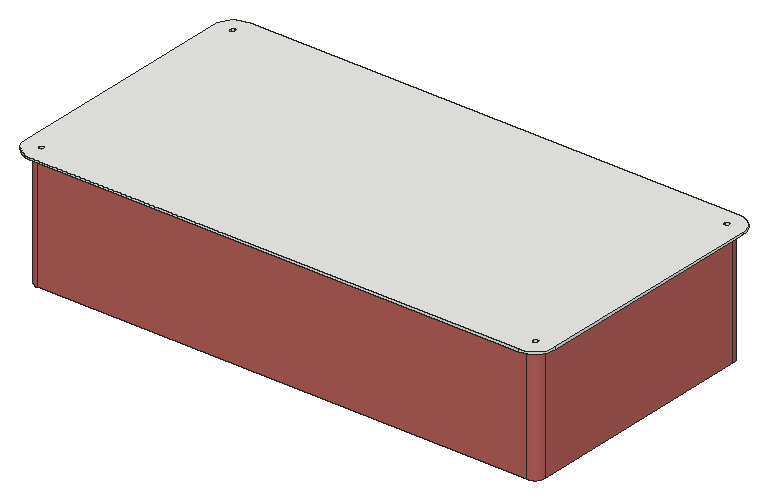
Revit family "Building-FlushMountingEnclosures-GEWISS-48CM-JUNCTION-BOXES_FLUSH-MOUNTING_HIGH_CAPACITY", category Apparecchi elettrici, host Superficie, Revit 2016
Family settings
  Host = Superficie
  Mantenere orientamento annotazione = Sì
  Tipo di parte = Normale
  Quota connettore circolare = Usa diametro
  Numero OmniClass = 23.80.30.14.24
  Titolo OmniClass = Junction Boxes
  Taglio con vuoti quando caricato = No
  Condiviso = No
  Punto di calcolo locali = Sì
Parameters (values of type "GW48211 - UPRIGHTS BOX 520X260X121 PLAIN LID")
  Voltaggio = 0 V
  Version file RFA = "18.0"
  VISTA DI PIANTA [instance] = yes
  URL = "https://www.gewiss.com/ww/en"
  Type of material = "Halogen-free in compliance with EN 60754-2"
  Thermo-pressure with ball = "70 °C"
  Technical sheet = "https://www.gewiss.com/ww/en/search?q=GW48211"
  Shock resistance = "IK07"
  SEO = "Box"
  Realized by GEWISS S.p.A. = ""
  Produttore = "GEWISS S.p.A."
  Outer dim. LxHxD (mm) = "520x260x121"
  Operating temperature = "-15 ÷ +60°C"
  Modello = "GW48211"
  Lid colour = "White RAL 9016"
  Installation = "Flush mounting enclosures"
  Immagine tipo = 48CM.JPG
  Tappo = GEWISS - BIANCO RAL 9016
  Scatola = ROSSO RAL 3000
  SIMBOLO [instance] = yes
  IP degree = "IP40"
  IDT = "14496fa0-f6cd-4977-b717-7ad3c308566f"
  IDF = "623b033f-7a9b-4e58-b226-af40efa56f5e"
  Glow Wire Test = "650°C"
  GEWISS SCHEDA TECNICA = "http://pro.gewiss.com/irj/portal/?NavigationTarget=pcd:portal_content/com.gewiss.ZPPFDMain/com.gewiss.ZPPFDITMain/com.gewiss.ZPPFDITMainDefault/com.gewiss.ZPPFDITPages/com.gewiss.ZPPFDITPagesAP/com.gewiss.ZPPFDITPagesAPCatalogo/com.gewiss.ZPPPDITAPProductDetail&codProd=GW48211"
  For walls = "Masonry"
  Electrocod = "0220"
  EAN code = "8011564027299"
  Distanza orizzontale simbolo [instance] = 242.444 mm
  Distanza dal muro [instance] = 4.208 mm
  Default Elevation = 1219.2 mm
  Profondità = 121 mm
  Lunghezza = 520 mm
  Larghezza = 260 mm
  Dispersible power (W) = "30"
  Dispersible max power (W) = "30"
  Descrizione = "UPRIGHTS BOX 520X260X121 PLAIN LID"
  Compartment pre-arrangement = "5"
  Classificazione = Other
  Catalogue Range = "48 CM"
  Catalogue = "BUILDING"
  Carico apparente = 0 VA
  CORNICE SIMBOLO [instance] = yes
  COBie.Tagnumber = ""
  COBie.CreatedOn = ""
  COBie.CreatebBy = ""
  COBie.ComponentRegisterItemID = ""
  COBie.Component.TagNumber = ""
  COBie.Component.Space = ""
  COBie.Component.SerialNumber = ""
  COBie.Component.InstallationDate = ""
  COBie.Component.Description = ""
  COBie.Component.BarCode = ""
  Bordo = 4 mm
Types (2, lengths in mm): name | Technical sheet | Outer dim. LxHxD (mm) | Modello | IDT | GEWISS SCHEDA TECNICA | EAN code | Lunghezza | Dispersible power (W) | Dispersible max power (W) | Descrizione | Compartment pre-arrangement
  GW48207 - UPRIGHTS BOX 260X260X121 PLAIN LID | "https://www.gewiss.com/ww/en/search?q=GW48207" | "260x260x121" | "GW48207" | "1568ccf8-404e-4c6a-b721-071ea05b4880" | "http://pro.gewiss.com/irj/portal/?NavigationTarget=pcd:portal_content/com.gewiss.ZPPFDMain/com.gewiss.ZPPFDITMain/com.gewiss.ZPPFDITMainDefault/com.gewiss.ZPPFDITPages/com.gewiss.ZPPFDITPagesAP/com.gewiss.ZPPFDITPagesAPCatalogo/com.gewiss.ZPPPDITAPProductDetail&codProd=GW48207" | "8011564027282" | 260 | "13" | "13" | "UPRIGHTS BOX 260X260X121 PLAIN LID" | "2"
  GW48211 - UPRIGHTS BOX 520X260X121 PLAIN LID | "https://www.gewiss.com/ww/en/search?q=GW48211" | "520x260x121" | "GW48211" | "14496fa0-f6cd-4977-b717-7ad3c308566f" | "http://pro.gewiss.com/irj/portal/?NavigationTarget=pcd:portal_content/com.gewiss.ZPPFDMain/com.gewiss.ZPPFDITMain/com.gewiss.ZPPFDITMainDefault/com.gewiss.ZPPFDITPages/com.gewiss.ZPPFDITPagesAP/com.gewiss.ZPPFDITPagesAPCatalogo/com.gewiss.ZPPPDITAPProductDetail&codProd=GW48211" | "8011564027299" | 520 | "30" | "30" | "UPRIGHTS BOX 520X260X121 PLAIN LID" | "5"
Reference planes
  plane 1 "Centro (Fronte/Retro)": y = 0
  plane 2: z = 0
  plane 3 "Centro (Sinistra/Destra)": x = 0
  plane 4: x = -260
  plane 5: y = -130
  plane 6: x = 260
  plane 7: y = 130
  plane 8: y = 127.823
  plane 9: x = 257.823
  plane 10: y = -127.823
  plane 11: x = -257.823
  plane 12: z = -121
  plane 13: y = 122
  plane 14: y = -122
  plane 15: x = -251.947
  plane 16: x = 251.947
  plane 17: x = -270
  plane 18: y = -140
  plane 19: x = 270
  plane 20: y = 140
  plane 21: z = 2
  plane 22: x = -242.444
Forms (mm)
  Extrusion 1, void
    sketch origin (0, 0, 0) x (1, 0, 0) y (0, 1, 0)
      loop
        line (-260, 119.5) -> (-260, -119.5)
        arc (-260, -119.5) -> (-256.925, -126.925) -> (-249.5, -130) r 10.5
        line (-249.5, -130) -> (249.5, -130)
        arc (249.5, -130) -> (256.925, -126.925) -> (260, -119.5) r 10.5
        line (260, -119.5) -> (260, 119.5)
        arc (260, 119.5) -> (256.925, 126.925) -> (249.5, 130) r 10.5
        line (249.5, 130) -> (-249.5, 130)
        arc (-249.5, 130) -> (-256.925, 126.925) -> (-260, 119.5) r 10.5
    from -121 to 0
  Extrusion 2, solid, material "ROSSO RAL 3000" <- "Scatola", detail levels medium+fine
    sketch origin (0, 0, 0) x (1, 0, 0) y (0, 1, 0)
      loop
        arc (-249.5, 130) -> (-256.925, 126.925) -> (-260, 119.5) r 10.5
        line (-260, 119.5) -> (-260, -119.5)
        arc (-260, -119.5) -> (-256.925, -126.925) -> (-249.5, -130) r 10.5
        line (-249.5, -130) -> (249.5, -130)
        arc (249.5, -130) -> (256.925, -126.925) -> (260, -119.5) r 10.5
        line (260, -119.5) -> (260, 119.5)
        arc (260, 119.5) -> (256.925, 126.925) -> (249.5, 130) r 10.5
        line (249.5, 130) -> (-249.5, 130)
      loop
        arc (-249.5, 127.823) -> (-255.386, 125.386) -> (-257.823, 119.5) r 8.323
        line (-257.823, 119.5) -> (-257.823, -119.5)
        arc (-257.823, -119.5) -> (-255.386, -125.386) -> (-249.5, -127.823) r 8.323
        line (-249.5, -127.823) -> (249.5, -127.823)
        arc (249.5, -127.823) -> (255.386, -125.386) -> (257.823, -119.5) r 8.323
        line (257.823, -119.5) -> (257.823, 119.5)
        arc (257.823, 119.5) -> (255.386, 125.386) -> (249.5, 127.823) r 8.323
        line (249.5, 127.823) -> (-249.5, 127.823)
    from -121 to 0
  Extrusion 3, solid, detail levels medium+fine
    sketch origin (0, 0, 0) x (1, 0, 0) y (0, 1, 0)
      loop
        line (-257.823, 116.384) -> (-254.592, 116.384)
        arc (-254.592, 116.384) -> (-249.664, 119.157) -> (-246.596, 123.907) r 11.782
        line (-246.596, 123.907) -> (-246.596, 127.823) -> (-249.5, 127.823)
        arc (-249.5, 127.823) -> (-255.386, 125.386) -> (-257.823, 119.5) r 8.323
        line (-257.823, 119.5) -> (-257.823, 116.384)
      loop
        line (257.823, 116.384) -> (257.823, 119.5)
        arc (257.823, 119.5) -> (255.386, 125.386) -> (249.5, 127.823) r 8.323
        line (249.5, 127.823) -> (246.596, 127.823) -> (246.596, 123.907)
        arc (246.596, 123.907) -> (249.664, 119.157) -> (254.592, 116.384) r 11.782
        line (254.592, 116.384) -> (257.823, 116.384)
      loop
        line (-257.823, -116.384) -> (-257.823, -119.5)
        arc (-257.823, -119.5) -> (-255.386, -125.386) -> (-249.5, -127.823) r 8.323
        line (-249.5, -127.823) -> (-246.596, -127.823) -> (-246.596, -123.907)
        arc (-246.596, -123.907) -> (-249.664, -119.157) -> (-254.592, -116.384) r 11.782
        line (-254.592, -116.384) -> (-257.823, -116.384)
      loop
        line (257.823, -116.384) -> (254.592, -116.384)
        arc (254.592, -116.384) -> (249.664, -119.157) -> (246.596, -123.907) r 11.782
        line (246.596, -123.907) -> (246.596, -127.823) -> (249.5, -127.823)
        arc (249.5, -127.823) -> (255.386, -125.386) -> (257.823, -119.5) r 8.323
        line (257.823, -119.5) -> (257.823, -116.384)
    from -2.208 to 0
  Extrusion 4, void, detail levels medium+fine
    sketch origin (0, 0, 0) x (1, 0, 0) y (0, 1, 0)
      loop
        circle (-251.947, 122) r 2.408
      loop
        circle (251.947, 122) r 2.408
      loop
        circle (-251.947, -122) r 2.408
      loop
        circle (251.947, -122) r 2.408
    from -2.208 to 2
  Extrusion 5, solid, material "GEWISS - BIANCO RAL 9016" <- "Tappo"
    sketch origin (0, 0, 0) x (1, 0, 0) y (0, 1, 0)
      loop
        arc (-249.5, 140) -> (-263.996, 133.996) -> (-270, 119.5) r 20.5
        line (-270, 119.5) -> (-270, -119.5)
        arc (-270, -119.5) -> (-263.996, -133.996) -> (-249.5, -140) r 20.5
        line (-249.5, -140) -> (249.5, -140)
        arc (249.5, -140) -> (263.996, -133.996) -> (270, -119.5) r 20.5
        line (270, -119.5) -> (270, 119.5)
        arc (270, 119.5) -> (263.996, 133.996) -> (249.5, 140) r 20.5
        line (249.5, 140) -> (-249.5, 140)
    from 0 to 2
Cuts and joins
  Extrusion 4 cuts Extrusion 5
Lines and regions (mm)
  Masking region 1, visible <- "VISTA DI PIANTA"
    outline origin (0, 0, 0) x (1, 0, 0) y (0, 0, 1)
      loop
        line (-260, -121) -> (260, -121) -> (260, 0) -> (-260, 0) -> (-260, -121)
  Masking region 2, visible <- "VISTA DI PIANTA"
    outline origin (0, 0, 0) x (1, 0, 0) y (0, 0, 1)
      loop
        line (270, 0) -> (270, 2) -> (-270, 2) -> (-270, 0) -> (270, 0)
  Masking region 3
    outline origin (0, 0, 0) x (0, 1, 0) y (0, 0, 1)
      loop
        line (-130, -121) -> (130, -121) -> (130, 0) -> (-130, 0) -> (-130, -121)
  Masking region 4
    outline origin (0, 0, 0) x (0, 1, 0) y (0, 0, 1)
      loop
        line (-140, 0) -> (140, 0) -> (140, 2) -> (-140, 2) -> (-140, 0)
  model lines
    curve 1: line (249.5, 140, 0) -> (-249.5, 140, 0)
    curve 2: arc (-249.5, 140, 0) -> (-263.996, 133.996, 0) -> (-270, 119.5, 0) r 20.5
    curve 3: line (-270, 119.5, 0) -> (-270, -119.5, 0)
    curve 4: arc (-270, -119.5, 0) -> (-263.996, -133.996, 0) -> (-249.5, -140, 0) r 20.5
    curve 5: line (-249.5, -140, 0) -> (249.5, -140, 0)
    curve 6: arc (249.5, -140, 0) -> (263.996, -133.996, 0) -> (270, -119.5, 0) r 20.5
    curve 7: line (270, -119.5, 0) -> (270, 119.5, 0)
    curve 8: arc (270, 119.5, 0) -> (263.996, 133.996, 0) -> (249.5, 140, 0) r 20.5
    curve 9: arc (-249.539, -122, 0) -> (-251.947, -124.408, 0) -> (-254.355, -122, 0) r 2.408
    curve 10: arc (-254.355, -122, 0) -> (-251.947, -119.592, 0) -> (-249.539, -122, 0) r 2.408
    curve 11: arc (249.539, -122, 0) -> (251.947, -119.592, 0) -> (254.355, -122, 0) r 2.408
    curve 12: arc (254.355, -122, 0) -> (251.947, -124.408, 0) -> (249.539, -122, 0) r 2.408
    curve 13: arc (254.355, 122, 0) -> (251.947, 119.592, 0) -> (249.539, 122, 0) r 2.408
    curve 14: arc (249.539, 122, 0) -> (251.947, 124.408, 0) -> (254.355, 122, 0) r 2.408
    curve 15: arc (-249.539, 122, 0) -> (-251.947, 119.592, 0) -> (-254.355, 122, 0) r 2.408
    curve 16: arc (-254.355, 122, 0) -> (-251.947, 124.408, 0) -> (-249.539, 122, 0) r 2.408
Dimensions and locks
  equal spacing: plane 7, plane 1 "Centro (Fronte/Retro)", plane 5
  equal spacing: plane 4, plane 3 "Centro (Sinistra/Destra)", plane 6
  "Lunghezza": plane 4 to plane 6
  "Larghezza": plane 7 to plane 5
  plane 4 to plane 11 = 2.177 mm  (x2)
  plane 9 to plane 6 = 2.177 mm  (x2)
  plane 10 to plane 5 = 2.177 mm
  plane 7 to plane 8 = 2.177 mm
  "Profondità": plane 2 to plane 12
  locked: plane 11 to plane 15 at 5.876
  locked: plane 7 to plane 13 at 8
  locked: plane 14 to plane 5 at 8
  locked: plane 16 to plane 6 at 8.053
  locked: plane 2 to Extrusion 3 at 2.208
  locked: plane 20 to plane 7 at 10
  locked: plane 17 to plane 4 at 10
  locked: plane 5 to plane 18 at 10
  locked: plane 6 to plane 19 at 10
  plane 21 to plane 2 = 2 mm
  "Distanza orizzontale simbolo": plane 22 to plane 3 "Centro (Sinistra/Destra)"
  aligned and locked: plane 2 to host face
  aligned and locked: level to host face
  aligned and locked: Extrusion 1 sketch curve to plane 4
  aligned and locked: Extrusion 1 sketch curve to plane 7
  aligned and locked: Extrusion 1 sketch curve to plane 6
  aligned and locked: Extrusion 1 sketch curve to plane 5
  aligned and locked: Extrusion 1 to plane 12
  aligned and locked: plane 2 to Extrusion 1
  aligned and locked: Extrusion 2 sketch curve to plane 4
  aligned and locked: Extrusion 2 sketch curve to plane 11
  aligned and locked: Extrusion 2 sketch curve to plane 10
  aligned and locked: Extrusion 2 sketch curve to plane 5
  aligned and locked: Extrusion 2 sketch curve to plane 6
  aligned and locked: Extrusion 2 sketch curve to plane 9
  aligned and locked: Extrusion 2 sketch curve to plane 8
  aligned and locked: Extrusion 2 sketch curve to plane 7
  aligned and locked: Extrusion 2 to plane 12
  aligned and locked: plane 2 to Extrusion 2
  aligned and locked: plane 11 to Extrusion 3 sketch curve  (x2)
  aligned and locked: Extrusion 3 sketch curve to plane 8  (x2)
  aligned and locked: Extrusion 3 sketch curve to plane 10  (x2)
  aligned and locked: plane 9 to Extrusion 3 sketch curve  (x2)
  aligned and locked: plane 2 to Extrusion 3
  aligned and locked: plane 15 to Extrusion 4 sketch curve
  aligned and locked: plane 13 to Extrusion 4 sketch curve
  aligned and locked: Extrusion 4 sketch curve to plane 16
  aligned and locked: Extrusion 4 sketch curve to plane 13
  aligned and locked: plane 14 to Extrusion 4 sketch curve
  aligned and locked: plane 16 to Extrusion 4 sketch curve
  aligned and locked: Extrusion 4 sketch curve to plane 15
  aligned and locked: Extrusion 4 sketch curve to plane 14
  aligned and locked: Extrusion 3 to Extrusion 4
  aligned and locked: Extrusion 5 sketch curve to plane 19
  aligned and locked: Extrusion 5 sketch curve to plane 18
  aligned and locked: Extrusion 5 sketch curve to plane 17
  aligned and locked: Extrusion 5 sketch curve to plane 20
  aligned and locked: Extrusion 5 to plane 21
  aligned and locked: Extrusion 4 to plane 21
  aligned and locked: plane 22 to nested 1
  aligned and locked: Masking region 1 sketch curve to Extrusion 2  (x3)
  aligned and locked: plane 6 to Masking region 1 sketch curve
  aligned and locked: Masking region 2 sketch curve to cut or joined group of Extrusion 4, Extrusion 5  (x4)
  aligned and locked: Masking region 3 sketch curve to Extrusion 2  (x4)
  aligned and locked: Masking region 4 sketch curve to cut or joined group of Extrusion 4, Extrusion 5  (x4)
  aligned and locked: curve 1 to cut or joined group of Extrusion 4, Extrusion 5
  aligned and locked: curve 3 to cut or joined group of Extrusion 4, Extrusion 5
  aligned and locked: curve 5 to cut or joined group of Extrusion 4, Extrusion 5
  aligned and locked: curve 7 to cut or joined group of Extrusion 4, Extrusion 5
  aligned and locked: curve 9 to cut or joined group of Extrusion 4, Extrusion 5
  aligned and locked: curve 10 to cut or joined group of Extrusion 4, Extrusion 5
  aligned and locked: curve 11 to cut or joined group of Extrusion 4, Extrusion 5
  aligned and locked: curve 12 to cut or joined group of Extrusion 4, Extrusion 5
  aligned and locked: curve 13 to cut or joined group of Extrusion 4, Extrusion 5
  aligned and locked: curve 14 to cut or joined group of Extrusion 4, Extrusion 5
  aligned and locked: curve 15 to cut or joined group of Extrusion 4, Extrusion 5
  aligned and locked: curve 16 to cut or joined group of Extrusion 4, Extrusion 5
Automatic sketch dimensions
  host sketch curve to host sketch curve = 2438.4 mm  (x2)
  Extrusion 1 sketch curve to Extrusion 1 sketch curve = 0 mm  (x3)
  plane 11 to Extrusion 1 sketch curve = 8.323 mm
  Extrusion 2 sketch curve to Extrusion 2 sketch curve = 0 mm  (x13)
  Extrusion 2 sketch curve to plane 9 = 0 mm
  plane 10 to Extrusion 2 sketch curve = 0 mm
  plane 5 to Extrusion 2 sketch curve = 10.5 mm  (x2)
  Extrusion 2 sketch curve to plane 7 = 10.5 mm  (x2)
  plane 4 to Extrusion 2 sketch curve = 10.5 mm
  plane 11 to Extrusion 2 sketch curve = 8.323 mm
  Extrusion 2 sketch curve to plane 6 = 10.5 mm
  plane 11 to Extrusion 2 sketch curve = 0 mm  (x2)
  plane 11 to Extrusion 3 sketch curve = 0.085 mm  (x2)
  Extrusion 3 sketch curve to plane 15 = 2.645 mm  (x2)
  plane 15 to Extrusion 3 sketch curve = 2.447 mm  (x2)
  Extrusion 3 sketch curve to Extrusion 3 sketch curve = 2.904 mm  (x2)
  plane 16 to Extrusion 3 sketch curve = 5.351 mm  (x2)
  plane 16 to Extrusion 3 sketch curve = 2.447 mm  (x2)
  Extrusion 3 sketch curve to plane 16 = 2.645 mm  (x2)
  Extrusion 3 sketch curve to plane 9 = 0.085 mm  (x2)
  plane 10 to Extrusion 3 sketch curve = 0.085 mm  (x2)
  plane 14 to Extrusion 3 sketch curve = 1.907 mm  (x2)
  Extrusion 3 sketch curve to plane 14 = 2.5 mm  (x2)
  Extrusion 3 sketch curve to plane 13 = 5.616 mm  (x2)
  Extrusion 3 sketch curve to plane 13 = 2.5 mm  (x2)
  plane 13 to Extrusion 3 sketch curve = 1.907 mm  (x2)
  plane 11 to Extrusion 3 sketch curve = 0 mm
  Extrusion 3 sketch curve to Extrusion 3 sketch curve = 0 mm  (x11)
  plane 15 to Extrusion 5 sketch curve = 2.447 mm  (x2)
  plane 16 to Extrusion 5 sketch curve = 2.447 mm  (x2)
  plane 15 to curve 5 = 2.447 mm
  plane 15 to curve 1 = 2.447 mm
  plane 16 to curve 1 = 2.447 mm
  plane 16 to curve 5 = 2.447 mm
  radius of Extrusion 4 sketch curve = 2.408 mm  (x4)
Nested families
  nested 1: "CASSDERIVAZINC" at (-242.444, 622.313, 0), Distanza dal muro <- "Distanza dal muro", BORDO ACCESO <- "CORNICE SIMBOLO", SIMBOLO ACCESO <- "SIMBOLO", type "CASSETTAINC"
    with SIMBOLO ACCESO yes, Distanza dal muro 4.208 mm, BORDO ACCESO yes
Connectors
  electrical at (0, 0, -121), driven by "Classificazione", driven by "Voltaggio", driven by "Carico apparente"
    settings: on Extrusion 2, index 1, voltage 0 V, apparent load 0 VA, apparent load phase1 0 VA, apparent load phase2 0 VA, apparent load phase3 0 VA, power factor 1, load classification "Other", number of poles 1, system type 31, power factor state 1, is connector primary yes, connector utility no, sub classification motor no, connector description ""
Definition of nested family "CASSDERIVAZINC"
  Parameters (values of type "CASSETTAINC")
    SIMBOLO ACCESO [instance] = yes
    Distanza dal muro [instance] = 4.208 mm
    BORDO ACCESO [instance] = yes
  Reference planes
    plane 1: y = 0
    plane 2: x = 0
  Dimensions and locks
    "Distanza dal muro": plane 1 to nested 1
    aligned and locked: plane 2 to nested 1
  Nested families
    nested 1: "CASSDERIVAZINC_BASE" at (0, 4.208, 0), BORDO ACCESO <- "BORDO ACCESO", SIMBOLO ACCESO <- "SIMBOLO ACCESO", type "CASSETTAINC"
      with BORDO ACCESO yes
  Definition of nested family "CASSDERIVAZINC_BASE"
    Parameters (values of type "CASSETTAINC")
      SIMBOLO ACCESO [instance] = yes
      Distanza dal muro = 4.208 mm
      BORDO ACCESO [instance] = yes
    Reference planes
      plane 1: y = 0
      plane 2: x = 0
    Lines and regions (mm)
      detail lines, visible <- "BORDO ACCESO"
        curve 1: line (-1, 2.5, 0) -> (1, 2.5, 0)
        curve 2: line (1, 2.5, 0) -> (1, 0, 0)
        curve 3: line (1, 0, 0) -> (-1, 0, 0)
        curve 4: line (-1, 0, 0) -> (-1, 2.5, 0)
        curve 5: line (-0.9, 2.4, 0) -> (0.9, 2.4, 0)
        curve 6: line (0.9, 2.4, 0) -> (0.9, 0.1, 0)
        curve 7: line (0.9, 0.1, 0) -> (-0.9, 0.1, 0)
        curve 8: line (-0.9, 0.1, 0) -> (-0.9, 2.4, 0)
      detail lines, visible <- "BORDO ACCESO", not visible
        curve 9: line (-2.443, 10.208, 0) -> (2.057, 10.208, 0)
        curve 10: line (2.057, 10.208, 0) -> (2.057, 4.208, 0)
        curve 11: line (2.057, 4.208, 0) -> (-2.443, 4.208, 0)
        curve 12: line (-2.443, 4.208, 0) -> (-2.443, 10.208, 0)
        curve 13: line (-2.043, 9.808, 0) -> (1.657, 9.808, 0)
        curve 14: line (1.657, 9.808, 0) -> (1.657, 4.608, 0)
        curve 15: line (1.657, 4.608, 0) -> (-2.043, 4.608, 0)
        curve 16: line (-2.043, 4.608, 0) -> (-2.043, 9.808, 0)
      detail lines, visible <- "SIMBOLO ACCESO"
        curve 17: circle (0, 1.25, 0) r 0.1 normal (0, 0, 1)
        curve 18: circle (0, 1.25, 0) r 0.809 normal (0, 0, 1)
    Dimensions and locks
      aligned and locked: curve 3 to plane 1
